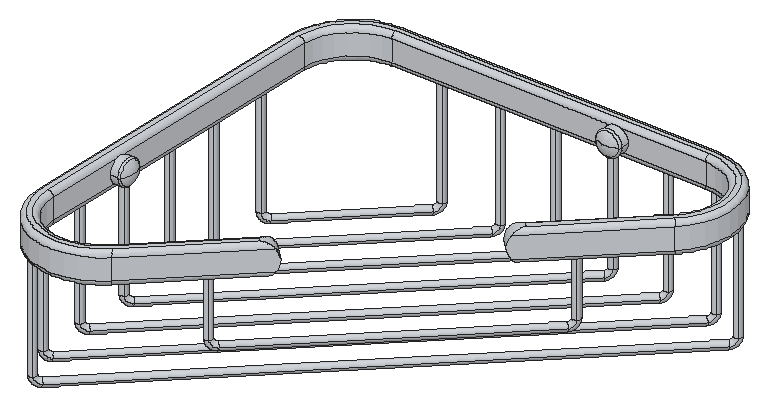
Revit family "Reece_Accessory_Posh_Solus_Shower Basket_Corner Wire Large", category Plumbing Fixtures, Revit 2018
Family settings
  Round Connector Dimension = Use Diameter
  Part Type = Normal
  Work Plane-Based = Yes
  Always vertical = Yes
  Cut with Voids When Loaded = Yes
  Shared = Yes
  Room Calculation Point = Yes
Parameters
  URL = "https://www.reece.com.au/product/-2260173"
  Type Comments = "Accessory"
  Reece_Product_Web Page = "https://www.reece.com.au/product/-2260173"
  Reece_Product_Type = "Accessory"  # constant formula
  Reece_Product_Sub Brand = "Solus"  # constant formula
  Reece_Product_Number = "2260173"
  Reece_Product_Mount = "Wall Mounted"
  Reece_Product_Description = "Posh Solus Large Wire Corner Basket Chrome"
  Reece_Product_Brand = "Posh"  # constant formula
  Reece_Overall_Width = 177 mm  # constant formula
  Reece_Overall_Length = 177 mm  # constant formula
  Reece_Overall_Height = 60 mm  # constant formula
  Reece_Material_Main = Reece_Brass_Chrome
  Reece_Height_From_Level [instance] = 1000 mm
  Reece_Detail_Installation = "Wall Mounted"  # constant formula
  Reece_Detail_Disclaimer = "THIS FILE IS THE PROPERTY OF THE REECE GROUP. IT MAY NOT BE REPRODUCED, REVERSE-ENGINEERED OR MODIFIED. ANY REPUBLICATION, TRANSMISSION OR DISTRIBUTION FOR THE PURPOSE OF COMMERCIALLY EXPLOITING THE FILES IS PROHIBITED."  # constant formula
  Reece_Detail_Additional = "Shower Basket"  # constant formula
  Model = "Solus"
  Manufacturer = "Posh"
  Keynote = "Product #2260173, Reece_Accessory_Posh_Solus_Shower Basket_Corner Wire Large -  "
  Disclaimer = "THIS FILE IS THE PROPERTY OF THE REECE GROUP. IT MAY NOT BE REPRODUCED, REVERSE-ENGINEERED OR MODIFIED. ANY REPUBLICATION, TRANSMISSION OR DISTRIBUTION FOR THE PURPOSE OF COMMERCIALLY EXPLOITING THE FILES IS PROHIBITED."  # constant formula
  Description = "Posh Solus Large Wire Corner Basket Chrome"
  Default Elevation = 0 mm
Types (2, lengths in mm): name | Keynote
  (no name) | "Product #2260173, Reece_Accessory_Posh_Solus_Shower Basket_Corner Wire Large -  "
  Chrome | "Product #2260173, Reece_Accessory_Posh_Solus_Shower Basket_Corner Wire Large - Chrome"
Reference planes
  plane 1 "Center (Front/Back)": y = 0
  plane 2 "Bottom Host Plane": z = -5
  plane 3 "Center (Left/Right)": x = 0
  plane 4 "Height From Floor": z = 1000
  plane 5: z = 1006.352
  plane 6: z = 946.352
  plane 7: x = 177
  plane 8: y = -177
Lines and regions (mm)
  model lines, style "InvisibleLines"
    curve 1: line (0, 0, -5) -> (0, 0, 1000)
Text (mm)
  text "Reece ©" at (2668.853, -2395.367, 2952.593), in view "Reece Preview"
  text "Reece Copyright © 2018, Reece Ltd." at (-247.475, -190.626, 0), in view "Ref. Level"
Dimensions and locks
  plane 2 "Bottom Host Plane" to level = 5 mm
  locked: level to plane 2 "Bottom Host Plane" at 5
  "Reece_Height_From_Level": plane 4 "Height From Floor" to level
  "Reece_Overall_Width": plane 8 to plane 1 "Center (Front/Back)"
  "Reece_Overall_Height": plane 5 to plane 6
  locked: plane 5 to plane 4 "Height From Floor" at 6.352
  "Reece_Overall_Length": plane 3 "Center (Left/Right)" to plane 7
  aligned and locked: plane 2 "Bottom Host Plane" to curve 1
  aligned and locked: plane 4 "Height From Floor" to curve 1
  aligned and locked: nested 1 to plane 3 "Center (Left/Right)"
  aligned and locked: plane 5 to nested 1
Automatic sketch dimensions
  curve 1 to plane 3 "Center (Left/Right)" = 0 mm
Nested families
  nested 1: "Reece_Accessory_Posh_Solus_Shower Basket_Corner Wire Large_Nested" at (88.5, 0, 946.352), Reece_Material_Main <- "Reece_Material_Main", type "Chrome"
    with Reece_Material_Main Reece_Brass_Chrome
Definition of nested family "Reece_Accessory_Posh_Solus_Shower Basket_Corner Wire Large_Nested"
  Parameters (values of type "Chrome")
    Reece_Overall_Width = 177 mm  # constant formula
    Reece_Overall_Length = 177 mm  # constant formula
    Reece_Overall_Height = 60 mm  # constant formula
    Reece_Material_Main [instance] = none
    Default Elevation = 0 mm
  Reference planes
    plane 1 "Center (Front/Back)": y = 0
    plane 2 "Bottom Host Plane": z = 0
    plane 3 "Center (Left/Right)": x = 0
    plane 4 "Height From Floor": z = 53.648
    plane 5: z = 60
    plane 6: z = 0
    plane 7: x = 88.5
    plane 8: x = -88.5
    plane 9: through (-42.151, -167.851, 1200) normal (-0.7071, 0.7071, 0)
    plane 10: y = -177
    plane 11: through (-88.5, 0, 1200) normal (0.7071, 0.7071, 0)
  Forms (mm)
    Revolve 1, solid, material <- "Reece_Material_Main"
      sketch origin (4.393, -2.572, 53.648) x (1, 0, 0) y (0, 1, 0)
        loop
          line (22.5, 0) -> (22.5, -9.004)
          arc (22.5, -9.004) -> (24.917, -8.62) -> (27.096, -7.507) r 7.804
          arc (27.096, -7.507) -> (27.393, -7.158) -> (27.5, -6.713) r 0.982
          line (27.5, -6.713) -> (27.5, 0) -> (22.5, 0)
        axis (22.5, 0) -> (22.5, -9.004)
      angle from 0 to 360
    Sweep 2, solid, material <- "Reece_Material_Main"
      path origin (-68.186, -31.274, 53.648) x (-0.707107, -0.707107, 0) y (0.707107, -0.707107, 0)
        loop
          line (-41.32, 114.984) -> (-96.443, 114.984)
          arc (-96.443, 114.984) -> (-120.463, 98.934) -> (-114.827, 70.599) r 26
          line (-114.827, 70.599) -> (-25.781, -18.447)
          arc (-25.781, -18.447) -> (-7.75, -25.916) -> (10.281, -18.447) r 25.5
          line (10.281, -18.447) -> (99.328, 70.599)
          arc (99.328, 70.599) -> (104.964, 98.934) -> (80.943, 114.984) r 26
          line (80.943, 114.984) -> (25.82, 114.984)
      profile origin (61.827, -63.874, 53.648) x (-0.707107, 0.707107, 0) y (0, 0, 1)
        loop
          line (2, -6.148) -> (4, -6.148)
          arc (4, -6.148) -> (5.414, -5.563) -> (6, -4.148) r 2
          line (6, -4.148) -> (6, 4.352)
          arc (6, 4.352) -> (5.414, 5.766) -> (4, 6.352) r 2
          line (4, 6.352) -> (2, 6.352)
          arc (2, 6.352) -> (0.586, 5.766) -> (0, 4.352) r 2
          line (0, 4.352) -> (0, -4.148)
          arc (0, -4.148) -> (0.586, -5.563) -> (2, -6.148) r 2
    Sweep 3, solid, material <- "Reece_Material_Main"
      path origin (-53.263, -57.62, -942.927) x (-0.707107, -0.707107, 0) y (0, 0, 1)
        loop
          line (-76.677, 1000) -> (-76.677, 947.419)
          arc (-76.677, 947.419) -> (-75.808, 945.321) -> (-73.71, 944.452) r 2.967
          line (-73.71, 944.452) -> (42.055, 944.452)
          arc (42.055, 944.452) -> (44.154, 945.321) -> (45.023, 947.419) r 2.967
          line (45.023, 947.419) -> (45.023, 1000)
      profile origin (0.956, -3.401, 30.782) x (-0.707107, 0.707107, 0) y (-0.707107, -0.707107, 0)
        loop
          circle (1.5, 0) r 1.5
    Sweep 4, solid, material <- "Reece_Material_Main"
      path origin (-30.436, -57.465, -942.927) x (-0.707107, -0.707107, 0) y (0, 0, 1)
        loop
          line (-76.677, 1000) -> (-76.677, 947.419)
          arc (-76.677, 947.419) -> (-75.808, 945.321) -> (-73.71, 944.452) r 2.967
          line (-73.71, 944.452) -> (74.555, 944.452)
          arc (74.555, 944.452) -> (76.654, 945.321) -> (77.523, 947.419) r 2.967
          line (77.523, 947.419) -> (77.523, 1000)
      profile origin (23.782, -3.247, 30.782) x (-0.707107, 0.707107, 0) y (-0.707107, -0.707107, 0)
        loop
          circle (1.5, 0) r 1.5
    Sweep 5, solid, material <- "Reece_Material_Main"
      path origin (-8.005, -57.705, -942.927) x (-0.707107, -0.707107, 0) y (0, 0, 1)
        loop
          line (-76.677, 1000) -> (-76.677, 947.419)
          arc (-76.677, 947.419) -> (-75.808, 945.321) -> (-73.71, 944.452) r 2.967
          line (-73.71, 944.452) -> (105.939, 944.452)
          arc (105.939, 944.452) -> (108.038, 945.321) -> (108.907, 947.419) r 2.967
          line (108.907, 947.419) -> (108.907, 1000)
      profile origin (46.214, -3.486, 30.782) x (-0.707107, 0.707107, 0) y (-0.707107, -0.707107, 0)
        loop
          circle (1.5, 0) r 1.5
    Sweep 6, solid, material <- "Reece_Material_Main"
      path origin (13.11, -59.262, -942.927) x (-0.707107, -0.707107, 0) y (0, 0, 1)
        loop
          line (-76.177, 1000) -> (-76.177, 947.419)
          arc (-76.177, 947.419) -> (-75.308, 945.321) -> (-73.21, 944.452) r 2.967
          line (-73.21, 944.452) -> (133.098, 944.452)
          arc (133.098, 944.452) -> (135.196, 945.321) -> (136.066, 947.419) r 2.967
          line (136.066, 947.419) -> (136.066, 1000)
      profile origin (66.975, -5.397, 30.782) x (-0.707107, 0.707107, 0) y (-0.707107, -0.707107, 0)
        loop
          circle (1.5, 0) r 1.5
    Sweep 7, solid, material <- "Reece_Material_Main"
      path origin (2.245, -92.799, -942.927) x (-0.707107, -0.707107, 0) y (0, 0, 1)
        loop
          line (-112.677, 1000) -> (-112.677, 947.419)
          arc (-112.677, 947.419) -> (-111.808, 945.321) -> (-109.71, 944.452) r 2.967
          line (-109.71, 944.452) -> (106.805, 944.452)
          arc (106.805, 944.452) -> (108.904, 945.321) -> (109.773, 947.419) r 2.967
          line (109.773, 947.419) -> (109.773, 1000)
      profile origin (81.92, -13.124, 30.782) x (-0.707107, 0.707107, 0) y (-0.707107, -0.707107, 0)
        loop
          circle (1.5, 0) r 1.5
    Sweep 8, solid, material <- "Reece_Material_Main"
      path origin (-75.265, -57.068, -942.927) x (-0.707107, -0.707107, 0) y (0, 0, 1)
        loop
          line (-76.177, 1000) -> (-76.177, 947.419)
          arc (-76.177, 947.419) -> (-75.308, 945.321) -> (-73.21, 944.452) r 2.967
          line (-73.21, 944.452) -> (11.22, 944.452)
          arc (11.22, 944.452) -> (13.318, 945.321) -> (14.188, 947.419) r 2.967
          line (14.188, 947.419) -> (14.188, 1000)
      profile origin (-21.4, -3.202, 30.782) x (-0.707107, 0.707107, 0) y (-0.707107, -0.707107, 0)
        loop
          circle (1.5, 0) r 1.5
    Sweep 9, solid, material <- "Reece_Material_Main"
      path origin (8.013, -115.361, -946.628) x (-0.707107, -0.707107, 0) y (0, 0, 1)
        loop
          line (-71.398, 1003.7) -> (-71.398, 972.095)
          arc (-71.398, 972.095) -> (-70.529, 969.997) -> (-68.431, 969.128) r 2.967
          line (-68.431, 969.128) -> (41.673, 969.128)
          arc (41.673, 969.128) -> (43.83, 970.021) -> (44.723, 972.178) r 3.05
          line (44.723, 972.178) -> (44.723, 1003.7)
      profile origin (58.499, -64.874, 41.27) x (-0.707107, 0.707107, 0) y (-0.707107, -0.707107, 0)
        loop
          circle (1.5, 0) r 1.5
    Sweep 10, solid, material <- "Reece_Material_Main"
      path origin (-97.571, -56.859, -942.927) x (-0.707107, -0.707107, 0) y (0, 0, 1)
        loop
          line (-75.177, 1000) -> (-75.177, 947.419)
          arc (-75.177, 947.419) -> (-74.308, 945.321) -> (-72.21, 944.452) r 2.967
          line (-72.21, 944.452) -> (-21.03, 944.452)
          arc (-21.03, 944.452) -> (-18.932, 945.321) -> (-18.062, 947.419) r 2.967
          line (-18.062, 947.419) -> (-18.062, 1000)
      profile origin (-44.413, -3.701, 30.782) x (-0.707107, 0.707107, 0) y (-0.707107, -0.707107, 0)
        loop
          circle (1.5, 0) r 1.5
    Revolve 11, solid, material <- "Reece_Material_Main"
      sketch origin (-85.928, -95.393, 53.648) x (0, -1, 0) y (1, 0, 0)
        loop
          line (22.5, 0) -> (27.5, 0) -> (27.5, 6.713)
          arc (27.5, 6.713) -> (27.393, 7.158) -> (27.096, 7.507) r 0.982
          arc (27.096, 7.507) -> (24.917, 8.62) -> (22.5, 9.004) r 7.804
          line (22.5, 9.004) -> (22.5, 0)
        axis (22.5, 0) -> (22.5, 9.004)
      angle from 0 to 360
    Extrusion 12, void
      sketch origin (-42.151, -167.851, 1200) x (-0.707107, -0.707107, 0) y (0, 0, 1)
        loop
          line (-44.094, -1140) -> (-44.094, -1136.967) -> (-127.735, -1136.967) -> (-127.735, -1140)
          arc (-127.735, -1140) -> (-121.485, -1146.25) -> (-127.735, -1152.5) r 6.25
          line (-127.735, -1152.5) -> (-127.735, -1155.533) -> (-44.094, -1155.533) -> (-44.094, -1152.5)
          arc (-44.094, -1152.5) -> (-50.344, -1146.25) -> (-44.094, -1140) r 6.25
      from -6.33 to 24.565
  Cuts and joins
    Extrusion 12 cuts Sweep 2
    joined: Revolve 1, Sweep 2, Sweep 3, Sweep 4, Sweep 5, Sweep 6, Sweep 7, Sweep 8, Sweep 9, Sweep 10, Revolve 11
  Text (mm)
    text "Reece ©" at (2668.853, -2395.367, 2952.593), in view "Reece Preview"
    text "Reece Copyright © 2018, Reece Ltd." at (-247.475, -190.626, 0), in view "Ref. Level"
  Dimensions and locks
    plane 2 "Bottom Host Plane" to level = 0 mm
    level to plane 2 "Bottom Host Plane" = 0 mm
    equal spacing: plane 8, plane 3 "Center (Left/Right)", plane 7
    "Reece_Overall_Length": plane 8 to plane 7
    "Reece_Overall_Height": plane 5 to plane 6
    plane 10 to plane 1 "Center (Front/Back)" = 177 mm
    aligned and locked: level to plane 2 "Bottom Host Plane"
  Automatic sketch dimensions
    plane 1 "Center (Front/Back)" to Revolve 1 sketch curve = 2.572 mm
    plane 3 "Center (Left/Right)" to Revolve 1 sketch curve = 26.893 mm
    Revolve 1 sketch curve to Revolve 1 sketch curve = 0 mm  (x3)
    Revolve 1 sketch curve to Revolve 1 sketch curve = 4.018 mm
    Revolve 1 sketch curve to Revolve 1 sketch curve = 5 mm
    Revolve 1 sketch curve to Revolve 1 sketch curve = 1.201 mm
    Revolve 1 sketch curve to Revolve 1 sketch curve = 6.713 mm
    Revolve 1 sketch curve to Revolve 1 sketch curve = 2.291 mm
    Revolve 1 sketch curve to Revolve 1 sketch curve = 2.538 mm
    plane 1 "Center (Front/Back)" to Sweep 2 sketch curve = 0 mm  (x2)
    Sweep 2 sketch curve to plane 9 = 0 mm  (x2)
    Sweep 2 sketch curve to plane 11 = 0 mm
    Sweep 2 sketch curve to plane 8 = 0 mm
    plane 11 to Sweep 2 sketch curve = 18.031 mm
    plane 11 to Sweep 2 sketch curve = 88.693 mm
    plane 9 to Sweep 2 sketch curve = 26 mm
    plane 11 to Sweep 2 sketch curve = 33.57 mm
    Sweep 2 sketch curve to plane 11 = 33.57 mm
    Sweep 2 sketch curve to profile plane = 0 mm
    Sweep 2 sketch curve to profile plane = 2 mm  (x2)
    Sweep 2 sketch curve to Sweep 2 sketch curve = 2 mm  (x3)
    Sweep 2 sketch curve to profile plane = 6.148 mm
    profile plane to Sweep 2 sketch curve = 4.352 mm
    Sweep 5 sketch curve to plane 6 = 4.492 mm  (x2)
    plane 11 to Sweep 5 sketch curve = 92.792 mm
    Sweep 5 sketch curve to Sweep 5 sketch curve = 2.967 mm
    Sweep 5 sketch curve to plane 11 = 89.825 mm
    Sweep 5 sketch curve to Sweep 5 sketch curve = 0 mm
    plane 5 to Sweep 5 sketch curve = 2.927 mm  (x2)
    Sweep 5 sketch curve to profile plane = 0 mm
    profile plane to Sweep 5 sketch curve = 1.5 mm
    Sweep 6 sketch curve to plane 6 = 4.492 mm  (x2)
    plane 11 to Sweep 6 sketch curve = 106.121 mm
    Sweep 6 sketch curve to Sweep 6 sketch curve = 2.967 mm
    Sweep 6 sketch curve to plane 11 = 103.154 mm
    Sweep 6 sketch curve to Sweep 6 sketch curve = 0 mm
    plane 5 to Sweep 6 sketch curve = 2.927 mm  (x2)
    Sweep 6 sketch curve to profile plane = 0 mm
    profile plane to Sweep 6 sketch curve = 1.5 mm
    Sweep 7 sketch curve to plane 6 = 4.492 mm  (x2)
    plane 11 to Sweep 7 sketch curve = 111.225 mm
    Sweep 7 sketch curve to Sweep 7 sketch curve = 2.967 mm
    Sweep 7 sketch curve to Sweep 7 sketch curve = 0 mm  (x3)
    Sweep 7 sketch curve to plane 11 = 108.258 mm
    plane 5 to Sweep 7 sketch curve = 2.927 mm  (x2)
    Sweep 7 sketch curve to profile plane = 0 mm
    profile plane to Sweep 7 sketch curve = 1.5 mm
    Sweep 9 sketch curve to plane 6 = 25.467 mm
    plane 11 to Sweep 9 sketch curve = 58.071 mm
    Sweep 9 sketch curve to Sweep 9 sketch curve = 2.967 mm
    Sweep 9 sketch curve to plane 6 = 25.55 mm
    Sweep 9 sketch curve to plane 11 = 55 mm
    plane 5 to Sweep 9 sketch curve = 2.927 mm  (x2)
    Sweep 9 sketch curve to profile plane = 0 mm
    profile plane to Sweep 9 sketch curve = 1.5 mm
    Sweep 10 sketch curve to plane 6 = 4.492 mm  (x2)
    plane 11 to Sweep 10 sketch curve = 28.557 mm
    Sweep 10 sketch curve to Sweep 10 sketch curve = 2.967 mm
    Sweep 10 sketch curve to plane 11 = 25.59 mm
    Sweep 10 sketch curve to Sweep 10 sketch curve = 0 mm
    plane 5 to Sweep 10 sketch curve = 2.927 mm  (x2)
    Sweep 10 sketch curve to profile plane = 0 mm
    profile plane to Sweep 10 sketch curve = 1.5 mm
    Revolve 11 sketch curve to plane 8 = 2.572 mm
    plane 10 to Revolve 11 sketch curve = 59.107 mm
    Revolve 11 sketch curve to Revolve 11 sketch curve = 4.018 mm
    Revolve 11 sketch curve to Revolve 11 sketch curve = 5 mm
    Revolve 11 sketch curve to Revolve 11 sketch curve = 1.201 mm
    Revolve 11 sketch curve to Revolve 11 sketch curve = 6.713 mm
    Revolve 11 sketch curve to Revolve 11 sketch curve = 2.291 mm
    Revolve 11 sketch curve to Revolve 11 sketch curve = 0 mm  (x2)
    Revolve 11 sketch curve to Revolve 11 sketch curve = 2.538 mm
    plane 11 to Sweep 4 sketch curve = 77.1 mm
    Sweep 4 sketch curve to Sweep 4 sketch curve = 2.967 mm  (x2)
    Sweep 4 sketch curve to plane 6 = 1.524 mm
    Sweep 4 sketch curve to plane 11 = 74.133 mm
    Sweep 4 sketch curve to Sweep 4 sketch curve = 0 mm
    plane 5 to Sweep 4 sketch curve = 2.927 mm  (x2)
    Sweep 4 sketch curve to profile plane = 0 mm
    profile plane to Sweep 4 sketch curve = 1.5 mm
    plane 11 to Sweep 8 sketch curve = 45.182 mm
    Sweep 8 sketch curve to Sweep 8 sketch curve = 2.967 mm  (x2)
    Sweep 8 sketch curve to plane 6 = 1.524 mm
    Sweep 8 sketch curve to plane 11 = 42.215 mm
    Sweep 8 sketch curve to Sweep 8 sketch curve = 0 mm
    plane 5 to Sweep 8 sketch curve = 2.927 mm  (x2)
    Sweep 8 sketch curve to profile plane = 0 mm
    profile plane to Sweep 8 sketch curve = 1.5 mm
    plane 11 to Sweep 3 sketch curve = 60.85 mm
    Sweep 3 sketch curve to Sweep 3 sketch curve = 2.967 mm  (x2)
    Sweep 3 sketch curve to plane 6 = 1.524 mm
    Sweep 3 sketch curve to plane 11 = 57.883 mm
    Sweep 3 sketch curve to Sweep 3 sketch curve = 0 mm
    plane 5 to Sweep 3 sketch curve = 2.927 mm  (x2)
    Sweep 3 sketch curve to profile plane = 0 mm
    profile plane to Sweep 3 sketch curve = 1.5 mm
    Extrusion 12 sketch curve to plane 5 = 0 mm  (x2)
    Extrusion 12 sketch curve to plane 4 "Height From Floor" = 9.181 mm
    plane 11 to Extrusion 12 sketch curve = 41.82 mm
    Extrusion 12 sketch curve to plane 5 = 3.033 mm
    Extrusion 12 sketch curve to plane 11 = 41.82 mm
    Extrusion 12 sketch curve to Extrusion 12 sketch curve = 3.033 mm  (x2)
    radius of Sweep 5 sketch curve = 1.5 mm
    radius of Sweep 6 sketch curve = 1.5 mm
    radius of Sweep 7 sketch curve = 1.5 mm
    radius of Sweep 9 sketch curve = 1.5 mm
    radius of Sweep 10 sketch curve = 1.5 mm
    radius of Sweep 4 sketch curve = 1.5 mm
    radius of Sweep 8 sketch curve = 1.5 mm
    radius of Sweep 3 sketch curve = 1.5 mm
